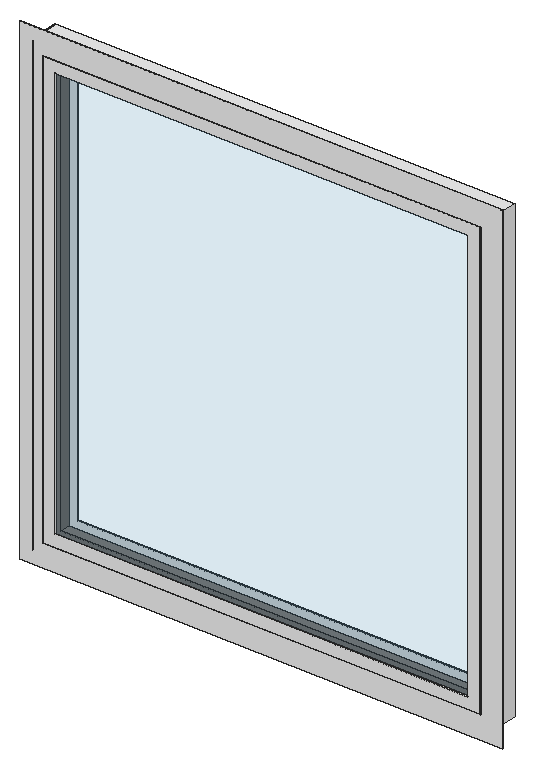
Revit family "Casement_28_H_Top_Hung_Custom", category Windows, host Wall, Revit 2014
Parameters (values of type "Casement_Sash_DG")
  Width Sash [instance] = 30 mm
  Width Sash Inner = 15 mm
  Width Bead = 15 mm
  Top Hung [instance] = yes
  Side Hung Right [instance] = yes
  Side Hung Left [instance] = yes
  Sash Opening Width [instance] = 600 mm
  Sash Opening Height [instance] = 600.312 mm
  Sash Lip = 15 mm
  Glazing Material [instance] = Glass
  DG Start Piece 2 [instance] = DG End Piece 1 + DG Gasket Thickness  # 25 mm
  DG Start Peice 1 [instance] = (Depth Sash - (2 * DG Glazing Thickness) - DG Gasket Thickness) / 2  # 6.6 mm
  Glazing Offset = 5 mm
  DG Glazing Thickness [instance] = 6.4 mm
  DG Gasket Thickness = 12 mm  # constant formula
  DG Gasket Material [instance] = Double Glazing Gasket Material
  DG End Piece 2 [instance] = DG Start Piece 2 + DG Glazing Thickness  # 31.4 mm
  DG End Piece 1 [instance] = DG Start Peice 1 + DG Glazing Thickness  # 13 mm
  Depth Sash [instance] = 38 mm
  Center Vertical Sash [instance] = Sash Opening Height / 2  # 300.156 mm
  Center Horizontal Sash [instance] = Sash Opening Width / 2  # 300 mm
  Bottom Hung [instance] = yes
  Bead Offset = 15 mm
  Aluminium Thickness = 1 mm
  Aluminium Material [instance] = White Powder Coated Aluminium
Reference planes
  plane 1 "Center (Front/Back)": y = 0
  plane 2: z = 0
  plane 3 "Center (Left/Right)": x = 0
Forms (mm)
  Sweep 1, solid, material "White Powder Coated Aluminium" <- "Aluminium Material"
    path origin (16.177, 0, 121.331) x (1, 0, 0) y (0, 0, 1)
      loop
        line (0, 0) -> (600, 0) -> (600, 600.312) -> (0, 600.312) -> (0, 0)
    profile origin (316.177, 0, 121.331) x (0, 0, 1) y (0, -1, 0)
      loop
        line (0, 0) -> (30, 0) -> (30, 1) -> (15, 1) -> (15, 38) -> (-15, 38) -> (-15, 37) -> (0, 37) -> (0, 0)
      loop
        line (14, 1) -> (14, 37) -> (1, 37) -> (1, 1) -> (14, 1)
  Sweep 2, solid, material "White Powder Coated Aluminium" <- "Aluminium Material"
    path origin (0, 0, 0) x (1, 0, 0) y (0, 0, 1)
      loop
        line (31.177, 706.643) -> (31.177, 136.331) -> (601.177, 136.331) -> (601.177, 706.643) -> (31.177, 706.643)
    profile origin (316.177, 0, 706.643) x (0, 0, 1) y (0, -1, 0)
      loop
        line (0, 37) -> (0, 38) -> (-15, 38) -> (-15, 37) -> (0, 37)
  Extrusion 3, solid, material "Glass" <- "Glazing Material"
    sketch origin (0, 0, 0) x (1, 0, 0) y (0, 0, 1)
      loop
        line (36.177, 701.643) -> (36.177, 141.331) -> (596.177, 141.331) -> (596.177, 701.643) -> (36.177, 701.643)
    from 6.6 <- "DG Start Peice 1" to 13 <- "DG End Piece 1"
  Extrusion 4, solid, material "Glass" <- "Glazing Material"
    sketch origin (0, 0, 0) x (1, 0, 0) y (0, 0, 1)
      loop
        line (36.177, 701.643) -> (36.177, 141.331) -> (596.177, 141.331) -> (596.177, 701.643) -> (36.177, 701.643)
    from 31.4 <- "DG End Piece 2" to 25 <- "DG Start Piece 2"
  Sweep 5, solid, material "Double Glazing Gasket Material" <- "DG Gasket Material"
    path origin (0, -13, 0) x (1, 0, 0) y (0, 0, 1)
      loop
        line (36.177, 701.643) -> (36.177, 141.331) -> (596.177, 141.331) -> (596.177, 701.643) -> (36.177, 701.643)
    profile origin (316.177, -13, 701.643) x (0, 0, 1) y (0, -1, 0)
      loop
        line (0, 0) -> (0, 12) -> (-7.96, 12) -> (-7.96, 0) -> (0, 0)
Lines and regions (mm)
  model lines
    curve 1: line (1.177, -38, 736.643) -> (31.177, -38, 706.643)
    curve 2: line (601.177, -38, 706.643) -> (631.177, -38, 736.643)
    curve 3: line (601.177, -38, 136.331) -> (631.177, -38, 106.331)
    curve 4: line (1.177, -38, 106.331) -> (31.177, -38, 136.331)
    curve 5: line (631.177, -37, 736.643) -> (616.177, -37, 721.643)
    curve 6: line (1.177, -37, 736.643) -> (16.177, -37, 721.643)
    curve 7: line (1.177, -37, 106.331) -> (16.177, -37, 121.331)
    curve 8: line (631.177, -37, 106.331) -> (616.177, -37, 121.331)
    curve 9: line (616.177, 0, 121.331) -> (586.177, 0, 151.331)
    curve 10: line (46.177, 0, 151.331) -> (16.177, 0, 121.331)
    curve 11: line (616.177, 0, 721.643) -> (586.177, 0, 691.643)
    curve 12: line (46.177, 0, 691.643) -> (16.177, 0, 721.643)
    curve 13: line (31.177, -38, 691.643) -> (46.177, -38, 691.643)
    curve 14: line (586.177, -38, 691.643) -> (601.177, -38, 691.643)
    curve 15: line (586.177, -38, 151.331) -> (601.177, -38, 151.331)
    curve 16: line (31.177, -38, 151.331) -> (46.177, -38, 151.331)
  model lines, style "GenericModelHiddenLines", visible <- "Top Hung"
    curve 17: line (46.386, -31.4, 690.914) -> (316.177, -31.4, 151.331)
    curve 18: line (316.177, -31.4, 151.331) -> (586.177, -31.4, 691.331)
  model lines, style "GenericModelHiddenLines", visible <- "Bottom Hung"
    curve 19: line (46.177, -31.4, 151.331) -> (316.177, -31.4, 691.331)
    curve 20: line (316.177, -31.4, 691.331) -> (586.177, -31.4, 151.331)
  model lines, style "GenericModelHiddenLines", visible <- "Side Hung Left"
    curve 21: line (46.386, -31.4, 690.914) -> (585.24, -31.4, 421.487)
    curve 22: line (585.24, -31.4, 421.487) -> (46.177, -31.4, 151.331)
  model lines, style "GenericModelHiddenLines", visible <- "Side Hung Right"
    curve 23: line (586.177, -31.4, 691.331) -> (46.177, -31.4, 421.487)
    curve 24: line (46.177, -31.4, 421.487) -> (586.177, -31.4, 151.331)
Dimensions and locks
  "Aluminium Thickness": Sweep 1 sketch curve to Sweep 1 sketch curve  (x4)
  "Depth Sash": Sweep 1 sketch curve to Sweep 1 sketch curve
  "Sash Opening Width": Sweep 1 to Sweep 1
  "Sash Opening Height": Sweep 1 to Sweep 1
  "Width Sash": Sweep 1 sketch curve to Sweep 1 sketch curve  (x2)
  "Width Sash Inner": Sweep 1 sketch curve to Sweep 1 sketch curve
  "Sash Lip": Sweep 1 sketch curve to Sweep 1 sketch curve
  "Aluminium Thickness": Sweep 1 to Sweep 2 sketch curve
  "Glazing Offset": Sweep 2 to Extrusion 3 sketch curve  (x3)
  "Glazing Offset": Extrusion 3 sketch curve to Sweep 2
  Sweep 1 to Sweep 1 = 1 mm
  "Aluminium Thickness": Sweep 2 sketch curve to Sweep 2 sketch curve
  "Width Bead": Sweep 2 sketch curve to Sweep 2 sketch curve
  locked: Sweep 5 sketch curve to Sweep 5 sketch curve at 7.96
  "Center Horizontal Sash": Sweep 1 to curve 18
  "Center Horizontal Sash": Sweep 1 to curve 20
  "Center Vertical Sash": Sweep 1 to curve 22
  "Center Vertical Sash": Sweep 1 to curve 24
  aligned and locked: level to plane 2
  aligned and locked: Sweep 1 sketch curve to Sweep 1 sketch curve  (x2)
  aligned and locked: Sweep 2 sketch curve to Sweep 1  (x5)
  aligned and locked: Extrusion 4 sketch curve to Extrusion 3  (x4)
  aligned and locked: Sweep 5 sketch curve to Extrusion 3  (x5)
  aligned and locked: Extrusion 3 to Sweep 5 sketch curve
Automatic sketch dimensions
  plane 3 "Center (Left/Right)" to Sweep 1 sketch curve = 16.177 mm
  level to Sweep 1 sketch curve = 121.331 mm
  plane 3 "Center (Left/Right)" to Sweep 1 sketch curve = 616.177 mm
  level to Sweep 1 sketch curve = 721.643 mm
  profile plane to Sweep 5 sketch curve = 12 mm
  curve 7 to Sweep 1 = 0 mm  (x4)
  curve 6 to Sweep 1 = 0 mm  (x3)
  Sweep 1 to curve 6 = 0 mm
  curve 5 to Sweep 1 = 0 mm  (x3)
  curve 8 to Sweep 1 = 0 mm  (x4)
  Sweep 1 to curve 5 = 0 mm
  curve 16 to Sweep 2 = 0 mm  (x3)
  curve 13 to Sweep 2 = 0 mm  (x3)
  curve 15 to Sweep 2 = 0 mm
  Sweep 2 to curve 15 = 0 mm  (x2)
  curve 14 to Sweep 2 = 0 mm  (x2)
  Sweep 2 to curve 14 = 0 mm
  curve 1 to Sweep 1 = 0 mm  (x4)
  curve 4 to Sweep 1 = 0 mm  (x3)
  Sweep 1 to curve 4 = 0 mm
  curve 3 to Sweep 1 = 0 mm  (x3)
  curve 2 to Sweep 1 = 0 mm  (x4)
  Sweep 1 to curve 3 = 0 mm
  curve 10 to Sweep 1 = 0 mm  (x4)
  curve 12 to Sweep 1 = 0 mm  (x3)
  Sweep 1 to curve 12 = 0 mm
  curve 9 to Sweep 1 = 0 mm  (x4)
  curve 11 to Sweep 1 = 0 mm  (x3)
  Sweep 1 to curve 11 = 0 mm
  Sweep 1 sketch curve to plane 1 "Center (Front/Back)" = 0 mm
  profile plane to Sweep 1 sketch curve = 0 mm
  curve 21 to Extrusion 4 = 10.208 mm
  curve 19 to Extrusion 4 = 10 mm
  curve 23 to Extrusion 4 = 10 mm  (x2)
  curve 22 to Extrusion 4 = 10.937 mm
  curve 20 to Extrusion 4 = 10 mm
  curve 24 to Extrusion 4 = 10 mm
  curve 22 to Extrusion 4 = 10 mm
  curve 18 to Extrusion 4 = 10 mm
  curve 21 to Extrusion 4 = 10.729 mm
  curve 19 to Extrusion 4 = 10.312 mm
  curve 18 to Extrusion 4 = 10.312 mm
